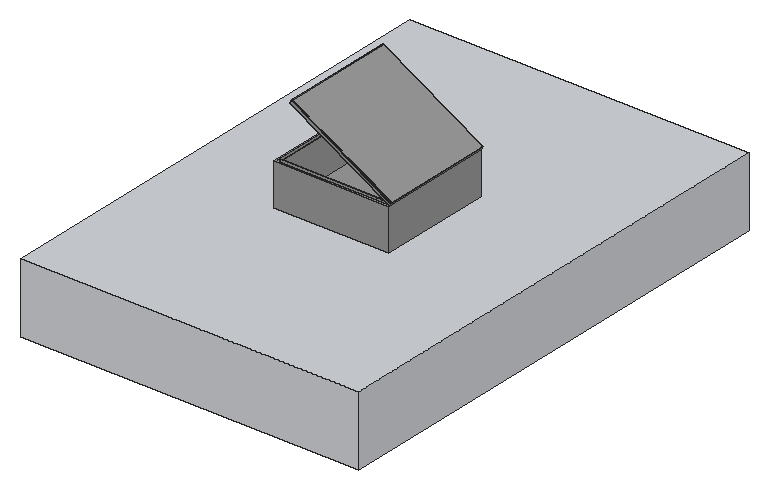
Revit family "Hager-Orion_Inox-IP65-D200-Cl.I-Inox_encl-630A-500mm-IT-it", category Equipement électrique, Revit 2020
Family settings
  Hôte = Face
  Configuration du panneau = Deux colonnes, circuits au sein
  Cote de connecteur circulaire = Utiliser le diamètre
  Type d'élément = Tableau de raccordement
  Couper avec des vides une fois chargée = Non
  Partagée = Non
  Point de calcul de pièce = Non
Parameters (values of type "incassato IP65 L500 A500 P200  - FL716BW")
  Width Control [instance] = if([EF000008 - Larghezza] > Min Width, [EF000008 - Larghezza], Min Width)  # 500 mm
  Commentaires du type = [HG000003 - Gamma]  # "Orion Inox"
  Thickness Door [instance] = if([EF009171 - spessore materiale porta/coperchio] > 3 mm, 3 mm, [EF009171 - spessore materiale porta/coperchio])  # 1.5 mm
  Seal Frame Offset [instance] = 17 mm  # constant formula
  Model = ""
  Min Width [instance] = 100 mm  # constant formula
  Min Height [instance] = 100 mm  # constant formula
  Min Depth [instance] = (2 * [EF009170 - spessore materiale scatola]) + 1 mm  # 3.4 mm
  Internal Frame Depth [instance] = (Door System Depth * 0.5)  # 9 mm
  Height Control [instance] = if([EF000040 - Altezza] > Min Height, [EF000040 - Altezza], Min Height)  # 500 mm
  HG000027 - Altezza dello zoccolo = 0 mm
  HG000026 - A pavimento = no
  HG000024 - Altezza della sezione inferiore = 800 mm
  HG000023 - Custodia a doppia sezione = no
  HG000016 - Visibilità delle porte nella vista 3D [instance] = yes
  HG000015 - Visibilità attraverso la porta [instance] = no
  HG000014 - Porta destra [instance] = yes
  HG000013 - Porta sinistra [instance] = not([HG000014 - Porta destra])  # no
  HG000012 - Angolo di apertura della porta [instance] = 30.00°
  HG000010 - Porte asimmetriche = no
  HG000009 - Porta doppia a battente = no
  HG000006 - Ad incasso = yes
  HG000004 - Codice produttore = "FL716BW"
  HG000003 - Gamma = "Orion Inox"
  HG000002 - Con porta = yes
  Frame Offset Bottom [instance] = 10 mm  # constant formula
  Frame Offset [instance] = 15 mm  # constant formula
  EF015940 - Coprire con rilascio di sovrapressione = no
  EF011959 - tipo di protezione (NEMA) = ""
  EF009554 - numero delle aperture per la piastra della flangia = 2
  Fabricant = "Hager"  # constant formula
  EF009212 - esecuzione coperchio = "EV009916 - con taglio"
  EF009171 - spessore materiale porta/coperchio = 1.5 mm
  EF009170 - spessore materiale scatola = 1.2 mm
  EF008873 - corrente nominale (In) = 630 A
  EF007800 - adatto per parafulmine = no
  EF006306 - con serratura = yes
  EF006244 - coperchio/porta trasparente = no
  EF005474 - grado di protezione (IP) = "EV006421 - IP65"
  EF004464 - tipo di porta = "EV002646 - singolo"
  EF004427 - numero di moduli = 0
  EF004293 - resistenza agli urti = "EV008784 - IK10"
  EF003532 - adatto per uso esterno = yes
  EF002950 - Numero moduli DIN = 0
  EF001613 - Integrità del circuito = ""
  EF001596 - Attacco Lampada = "EV000166 - acciaio inossidabile"
  EF001131 - profondità interna = 200 mm
  EF001088 - possibilità di applicazione = no
  EF000437 - numero di ingressi per conduttori = 2
  EF000339 - tipo di copertura = "EV004216 - porta"
  EF000266 - numero di file = 0
  EF000218 - profondità di incasso = 0 mm
  EF000118 - con piastra di montaggio = yes
  EF000116 - numero RAL = ""
  EF000049 - profondità = 200 mm
  EF000040 - Altezza = 500 mm
  EF000008 - Larghezza = 500 mm
  EF000007 - colore = "EV000154 - altri"
  EF000003 - Tipo di montaggio = "EV001247 - apparente/incassato"
  Door System Leaf Tolerance [instance] = 1.5 mm  # constant formula
  Door System Depth [instance] = 18 mm  # constant formula
  Depth Control [instance] = if([EF000049 - profondità] > Min Depth, [EF000049 - profondità], Min Depth)  # 200 mm
  Default Elevation = 0 mm
Types (4, lengths in mm): name | Width Control | HG000006 - Ad incasso | HG000004 - Codice produttore | EF000008 - Larghezza
  apparente IP65 L400 A500 P200  - FL713BW | 400 | no | "FL713BW" | 400
  apparente IP65 L500 A500 P200  - FL716BW | 500 | no | "FL716BW" | 500
  incassato IP65 L400 A500 P200  - FL713BW | 400 | yes | "FL713BW" | 400
  incassato IP65 L500 A500 P200  - FL716BW | 500 | yes | "FL716BW" | 500
Reference planes
  plane 1 "Center (Front/Back)": y = 0
  plane 2: z = 0
  plane 3 "Center (Left/Right)": x = 0
  plane 4: z = 200
  plane 5: y = 1.2
  plane 6: y = 250
  plane 7: y = 0
  plane 8: y = 500
  plane 9: z = 0
  plane 10: x = -235
  plane 11: x = 235
  plane 12: x = 233.8
  plane 13: x = -233.8
  plane 14: y = 498.8
  plane 15: x = -233
  plane 16: x = -250
  plane 17: x = 233
  plane 18: x = 250
  plane 19: x = 248.8
  plane 20: x = -248.8
  plane 21: y = 11.2
  plane 22: y = 500
  plane 23: y = 483.8
  plane 24: z = 182
  plane 25: z = 1.2
  plane 26: z = 180.8
  plane 27: z = 198.8
Forms (mm)
  Extrusion 1, solid
    sketch origin (0, 0, 0) x (1, 0, 0) y (0, 1, 0)
      loop
        line (-702.964, 1305) -> (-702.964, -811.445) -> (766.763, -811.445) -> (766.763, 1305) -> (-702.964, 1305)
    from 0 to -304.8
  Extrusion 2, solid, material "Hager_Stainless_Steel", detail levels medium+fine
    sketch origin (0, 0, 0) x (1, 0, 0) y (0, 1, 0)
      loop
        line (-250, 0) -> (250, 0) -> (250, 500) -> (-250, 500) -> (-250, 0)
    from 0 to 182
  Extrusion 3, solid, material "Hager_Steel_RAL 7035_Light_Grey", not visible, detail levels medium+fine
    sketch origin (0, 28.16, 50.802) x (0, 1, 0) y (0, 0, 1)
      loop
        line (273.34, -50.802) -> (273.34, 137.998)
        arc (273.34, 137.998) -> (270.411, 145.069) -> (263.34, 147.998) r 10
        line (263.34, 147.998) -> (233.34, 147.998) -> (233.34, -50.802) -> (273.34, -50.802)
    from -248.8 to 248.8
  Extrusion 4, void
    sketch origin (0, 0, 0) x (1, 0, 0) y (0, 1, 0)
      loop
        line (-248.8, 1.2) -> (248.8, 1.2) -> (248.8, 498.8) -> (-248.8, 498.8) -> (-248.8, 1.2)
    from 1.2 to 180.8
  Extrusion 5, void
    sketch origin (-381.607, -4572, 182) x (0, -1, 0) y (-1, 0, 0)
      loop
        line (-4583.2, -147.807) -> (-5055.8, -147.807) -> (-5055.8, -615.407) -> (-4583.2, -615.407) -> (-4583.2, -147.807)
    from 0 to 1.2 <- "EF009170 - spessore materiale scatola"
  Extrusion 6, solid, material "Hager_Stainless_Steel", detail levels fine
    sketch origin (-381.607, -4572, 182) x (-1, 0, 0) y (0, -1, 0)
      loop
        line (-147.807, -4583.2) -> (-615.407, -4583.2) -> (-615.407, -5055.8) -> (-147.807, -5055.8) -> (-147.807, -4583.2)
      loop
        line (-147.107, -4581.7) -> (-616.107, -4581.7) -> (-616.107, -5057.3) -> (-147.107, -5057.3) -> (-147.107, -4581.7)
    from 0 to 9 <- "Internal Frame Depth"
  Extrusion 7, solid, material "Hager_Stainless_Steel", detail levels coarse
    sketch origin (0, 0, 0) x (1, 0, 0) y (0, 1, 0)
      loop
        line (-250, 0) -> (250, 0) -> (250, 500) -> (-250, 500) -> (-250, 0)
    from 0 to 200
Cuts and joins
  Extrusion 4, Extrusion 5 cuts Extrusion 2
Lines and regions (mm)
  Masking region 1
    outline origin (0, 0, 0) x (1, 0, 0) y (0, 0, 1)
      loop
        line (-250, 200) -> (-250, 0) -> (250, 0) -> (250, 200) -> (-250, 200)
  Masking region 2, detail levels medium+fine
    outline origin (0, 140, 0) x (0, 1, 0) y (0, 0, 1)
      loop
        line (-140, 0) -> (360, 0) -> (360, 182) -> (-140, 182) -> (-140, 0)
  Masking region 3, not visible, detail levels medium+fine
    outline origin (0, 297.922, 0) x (0, 1, 0) y (0, 0, 1)
      loop
        line (-36.422, 0) -> (3.578, 0) -> (3.578, 188.8)
        arc (3.578, 188.8) -> (0.649, 195.871) -> (-6.422, 198.8) r 10
        line (-6.422, 198.8) -> (-36.422, 198.8) -> (-36.422, 0)
  Masking region 4, detail levels coarse
    outline origin (0, 0, 180) x (0, 1, 0) y (0, 0, 1)
      loop
        line (0, -180) -> (500, -180) -> (500, 20) -> (0, 20) -> (0, -180)
  Masking region 5
    outline origin (-381.607, -4572, 182) x (-1, 0, 0) y (0, -1, 0)
      loop
        line (-131.607, -5072) -> (-131.607, -4572) -> (-631.607, -4572) -> (-631.607, -5072) -> (-131.607, -5072)
Dimensions and locks
  "Depth Control": plane 4 to Extrusion 1
  "EF009170 - spessore materiale scatola": plane 5 to plane 7
  locked: connector elem to plane 3 "Center (Left/Right)"
  equal spacing: plane 8, plane 6, plane 7
  locked: connector elem to plane 6
  "EF009170 - spessore materiale scatola": plane 8 to plane 14
  "EF009170 - spessore materiale scatola": plane 10 to plane 13
  "EF009170 - spessore materiale scatola": plane 12 to plane 11
  "Frame Offset": plane 20 to plane 13
  "Frame Offset": plane 12 to plane 19
  "EF009170 - spessore materiale scatola": plane 16 to plane 20
  "EF009170 - spessore materiale scatola": plane 19 to plane 18
  "Seal Frame Offset": plane 16 to plane 15
  "Seal Frame Offset": plane 17 to plane 18
  "Frame Offset Bottom": plane 21 to plane 5
  "Frame Offset": plane 14 to plane 23
  equal spacing: plane 16, plane 3 "Center (Left/Right)", plane 18
  "Width Control": plane 16 to plane 18
  "EF009170 - spessore materiale scatola": plane 4 to plane 27
  "EF009170 - spessore materiale scatola": plane 24 to plane 26
  "EF009170 - spessore materiale scatola": plane 25 to level
  "Door System Depth": plane 4 to plane 24
  "Height Control": plane 1 "Center (Front/Back)" to Extrusion 7 sketch curve
  "Height Control": Masking region 4 sketch curve to plane 1 "Center (Front/Back)"
  "Thickness Door": Extrusion 6 sketch curve to plane 15
  "Thickness Door": plane 21 to Extrusion 6 sketch curve
  "Thickness Door": plane 17 to Extrusion 6 sketch curve
  "Thickness Door": Extrusion 6 sketch curve to plane 23
  "Height Control": plane 1 "Center (Front/Back)" to plane 22
  radius of Masking region 3 sketch curve = 10 mm
  radius of Extrusion 3 sketch curve = 10 mm
  aligned and locked: plane 2 to Extrusion 1
  aligned and locked: level to Extrusion 1
  aligned and locked: level to Masking region 1 sketch curve
  aligned and locked: Masking region 1 sketch curve to plane 18
  aligned and locked: Masking region 1 sketch curve to plane 16
  aligned and locked: plane 7 to Masking region 2 sketch curve
  aligned and locked: level to Masking region 3 sketch curve
  aligned and locked: Masking region 3 sketch curve to plane 27
  aligned and locked: level to Masking region 2 sketch curve
  aligned and locked: Extrusion 2 sketch curve to plane 7
  aligned and locked: plane 16 to Extrusion 2 sketch curve
  aligned and locked: plane 18 to Extrusion 2 sketch curve
  aligned and locked: Extrusion 3 sketch curve to level
  aligned and locked: plane 27 to Extrusion 3 sketch curve
  aligned and locked: plane 20 to Extrusion 3
  aligned and locked: plane 19 to Extrusion 3
  aligned and locked: plane 20 to Extrusion 4 sketch curve
  aligned and locked: plane 19 to Extrusion 4 sketch curve
  aligned and locked: Extrusion 4 sketch curve to plane 5
  aligned and locked: Extrusion 4 to plane 25
  aligned and locked: plane 26 to Extrusion 4
  aligned and locked: plane 24 to Extrusion 2
  aligned and locked: Extrusion 5 sketch curve to plane 21
  aligned and locked: Extrusion 5 sketch curve to plane 13
  aligned and locked: Extrusion 5 sketch curve to plane 12
  aligned and locked: plane 18 to Extrusion 7 sketch curve
  aligned and locked: plane 1 "Center (Front/Back)" to Extrusion 7 sketch curve
  aligned and locked: plane 16 to Extrusion 7 sketch curve
  aligned and locked: plane 4 to Extrusion 7
  aligned and locked: Extrusion 7 to level
  aligned and locked: level to Masking region 4 sketch curve
  aligned and locked: Masking region 4 sketch curve to plane 1 "Center (Front/Back)"
  aligned and locked: Masking region 4 sketch curve to plane 4
  aligned and locked: nested 1 to level
  aligned and locked: nested 1 to plane 16
  aligned and locked: plane 8 to Extrusion 2 sketch curve
  aligned and locked: plane 23 to Extrusion 5 sketch curve
  aligned and locked: plane 14 to Extrusion 4 sketch curve
  aligned and locked: Extrusion 6 sketch curve to plane 21
  aligned and locked: plane 13 to Extrusion 6 sketch curve
  aligned and locked: plane 23 to Extrusion 6 sketch curve
  aligned and locked: plane 12 to Extrusion 6 sketch curve
  aligned and locked: Masking region 2 sketch curve to plane 8
  aligned and locked: Masking region 2 sketch curve to plane 24
  aligned and locked: nested 2 to plane 3 "Center (Left/Right)"
  aligned and locked: nested 2 to plane 24
  aligned and locked: Masking region 5 sketch curve to plane 1 "Center (Front/Back)"
  aligned and locked: Masking region 5 sketch curve to plane 18
  aligned and locked: Masking region 5 sketch curve to plane 22
  aligned and locked: Masking region 5 sketch curve to plane 16
  aligned and locked: plane 8 to plane 22
  aligned and locked: plane 7 to plane 1 "Center (Front/Back)"
  aligned and locked: nested 2 to plane 1 "Center (Front/Back)"
Automatic sketch dimensions
  Extrusion 1 sketch curve to Extrusion 1 sketch curve = 1469.727 mm
  Extrusion 1 sketch curve to Extrusion 1 sketch curve = 2116.445 mm
  plane 6 to Masking region 3 sketch curve = 11.5 mm
  Masking region 3 sketch curve to Masking region 3 sketch curve = 30 mm
  plane 6 to Extrusion 3 sketch curve = 11.5 mm
  Extrusion 3 sketch curve to Extrusion 3 sketch curve = 30 mm
  Masking region 1 sketch curve to plane 4 = 0 mm
Nested families
  nested 1: "Hager_Enclosure_Symbol" at (-250, 0, 0) x (1, 0, 0) z (0, -1, 0), Height <- "Depth Control", Width <- "Width Control", type "Hager_Enclosure_Symbol"
    with Width_Ctrl 500 mm, Width 500 mm, Height_Ctrl 200 mm, Height 200 mm, A_Width_Int 13.125 mm, A_Width 157.5 mm, A_Height_Ctrl 175 mm, A_Height 175 mm
  nested 2: "EC000058_OrionInox_Door" at (0, 500, 182) x (1, 0, 0) z (0, -1, 0), Leaf_Tolerance <- "Door System Leaf Tolerance", Angle <- "HG000012 - Angolo di apertura della porta", Door_Depth <- "Door System Depth", Door_Left <- "HG000013 - Porta sinistra", Transparent <- "EF006244 - coperchio/porta trasparente", Assymetrical <- "HG000010 - Porte asimmetriche", Width <- "Width Control", Clearance <- "HG000015 - Visibilità attraverso la porta", Double <- "HG000009 - Porta doppia a battente", 3d_Door <- "HG000016 - Visibilità delle porte nella vista 3D", Width_Ctrl <- "Width Control", Door_Right <- "HG000014 - Porta destra", Door <- "HG000002 - Con porta", Height <- "Height Control", Thickness <- "Thickness Door", type "EC000058_OrionInox_Door", detail levels medium+fine
    with min_wh 4 mm, Width_Ctrl 500 mm, Width 500 mm, Transparent no, Thickness 1.5 mm, Seal_Material Hager_Rubber, Leaf_Width 500 mm, Leaf_Tolerance_External_Sides 0 mm, Leaf_Tolerance 1.5 mm, Leaf_Offset 0 mm, Leaf_Height 497 mm, Leaf_2_Width 500 mm, Leaf_2_Offset 250 mm, Leaf_1_Width 500 mm, Leaf_1_Offset 250 mm, Height_Ctrl 500 mm, Height 500 mm, Glass_Material Hager_Glass, Double_Clearance_Ctrl no, Double no, Door_Right_Ctrl yes, Door_Right yes, Door_Material Hager_Stainless_Steel, Door_Left_Ctrl no, Door_Left no, Door_Depth 18 mm, Door yes, Clearance_Material Hager_Clearance, Clearance_Depth 500 mm, Clearance_Ctrl no, Clearance no, Assymetrical no, Angle 30.00°, 3d_Door yes
Connectors
  electrical at (0, 250, 0)
    settings: on plane 9, index 1, voltage 0 V, apparent load 0 VA, apparent load phase1 0 VA, apparent load phase2 0 VA, apparent load phase3 0 VA, power factor 1, load classification "Other", number of poles 1, system type 30, power factor state 1, is connector primary yes, connector utility no, sub classification motor no, connector description ""
Definition of nested family "EC000058_OrionInox_Door"
  Parameters (values of type "EC000058_OrionInox_Door")
    min_wh [instance] = (2 * Thickness) + 1 mm  # 11 mm
    Width_Ctrl [instance] = 400 mm
    Width [instance] = 500 mm
    Transparent [instance] = yes
    Thickness [instance] = 5 mm
    Seal_Material [instance] = none
    Leaf_Width [instance] = if((Width_Ctrl - 2 * Leaf_Tolerance_External_Sides) > 0 mm, (Width_Ctrl - 2 * Leaf_Tolerance_External_Sides), min_wh)  # 400 mm
    Leaf_Tolerance_External_Sides [instance] = 0 mm  # constant formula
    Leaf_Tolerance [instance] = 1.5 mm
    Leaf_Offset [instance] = 0 mm  # constant formula
    Leaf_Height [instance] = if((Height_Ctrl - 2 * Leaf_Tolerance) > 0 mm, (Height_Ctrl - 2 * Leaf_Tolerance), min_wh)  # 497 mm
    Leaf_2_Width [instance] = if(and(and(Double, Assymetrical), Door_Left), (Leaf_Width / 3) - (Leaf_Tolerance / 2), if(and(and(Double, Assymetrical), Door_Right), (Leaf_Width / 3) * 2 - (Leaf_Tolerance / 2), if(and(Double, not(Assymetrical)), (Leaf_Width / 2) - Leaf_Tolerance, Leaf_Width)))  # 400 mm
    Leaf_2_Offset [instance] = if(and(Double, Assymetrical), Leaf_2_Width / 2, if(and(Double, not(Assymetrical)), Leaf_Width / 4, Leaf_Width / 2))  # 200 mm
    Leaf_1_Width [instance] = if(and(and(Double, Assymetrical), Door_Right), (Leaf_Width / 3) - (Leaf_Tolerance / 2), if(and(and(Double, Assymetrical), Door_Left), (Width / 3) * 2 - (Leaf_Tolerance / 2), if(and(Double, not(Assymetrical)), (Leaf_Width / 2) - Leaf_Tolerance, Leaf_Width)))  # 400 mm
    Leaf_1_Offset [instance] = if(and(Double, Assymetrical), Leaf_1_Width / 2, if(and(Double, not(Assymetrical)), Leaf_Width / 4, Leaf_Width / 2))  # 200 mm
    Height_Ctrl [instance] = if(Height > min_wh, Height, min_wh)  # 500 mm
    Height [instance] = 500 mm
    Glass_Material [instance] = none
    Double_Clearance_Ctrl [instance] = and(Double, Clearance)  # no
    Double [instance] = no
    Door_Right_Ctrl [instance] = and(or(Door_Right, Double), Door)  # yes
    Door_Right [instance] = yes
    Door_Material [instance] = none
    Door_Left_Ctrl [instance] = and(or(Door_Left, Double), Door)  # no
    Door_Left [instance] = no
    Door_Depth [instance] = 30 mm
    Door [instance] = yes
    Default Elevation = 1219.2 mm
    Clearance_Material [instance] = none
    Clearance_Depth [instance] = if(Leaf_1_Width > Leaf_2_Width, Leaf_1_Width, Leaf_2_Width)  # 400 mm
    Clearance_Ctrl [instance] = and(not(Double), Clearance)  # yes
    Clearance [instance] = yes
    Assymetrical [instance] = yes
    Angle [instance] = 30.00°
    3d_Door [instance] = yes
  Reference planes
    plane 1 "Center (Front/Back)": y = 0
    plane 2 "Bottom": z = 0
    plane 3 "Center (Left/Right)": x = 0
    plane 4: z = 500
    plane 5: x = -200
    plane 6: x = 200
    plane 7: z = 500
    plane 8: x = -200
    plane 9: z = 0
    plane 10: x = 200
    plane 11: y = 0
    plane 12: z = 1.5
    plane 13: x = -600
    plane 14: y = -400
    plane 15: x = 600
    plane 16: x = 0
    plane 17: x = 0
    plane 18: x = -200
    plane 19: x = 200
    plane 20: z = 498.5
  Forms (mm)
    Extrusion 1, solid, material <- "Clearance_Material", visible <- "Double_Clearance_Ctrl"
      sketch origin (1200, 0, 0) x (1, 0, 0) y (0, 0, -1)
        loop
          line (-1800, -498.5) -> (-600, -498.5) -> (-600, 0) -> (-1800, 0) -> (-1800, -498.5)
      from 0 to -400
  Dimensions and locks
    equal spacing: plane 5, plane 3 "Center (Left/Right)", plane 6
    "Width_Ctrl": plane 5 to plane 6
    "Leaf_Offset": plane 5 to plane 8
    "Leaf_Offset": plane 6 to plane 10
    "Leaf_Offset": plane 9 to level
    "Leaf_Offset": plane 4 to plane 7
    "Height_Ctrl": plane 4 to level
    "Leaf_Tolerance": plane 12 to plane 9
    locked: plane 11 to plane 1 "Center (Front/Back)"
    "Leaf_1_Offset": plane 18 to plane 16
    "Leaf_2_Offset": plane 17 to plane 19
    "Leaf_1_Width": plane 13 to plane 8
    "Leaf_2_Width": plane 10 to plane 15
    "Clearance_Depth": plane 14 to plane 1 "Center (Front/Back)"
    "Leaf_Tolerance_External_Sides": plane 8 to plane 18
    "Leaf_Tolerance_External_Sides": plane 19 to plane 10
    "Leaf_Tolerance": plane 7 to plane 20
    aligned and locked: level to plane 2 "Bottom"
    aligned and locked: nested 1 to plane 16
    aligned and locked: nested 2 to plane 17
    aligned and locked: Extrusion 1 to plane 13
    aligned and locked: plane 15 to Extrusion 1
    aligned and locked: Extrusion 1 to plane 14
    aligned and locked: plane 12 to nested 1
    aligned and locked: nested 2 to plane 12
    aligned and locked: Extrusion 1 to plane 11
    aligned and locked: plane 20 to Extrusion 1
    aligned and locked: nested 2 to plane 11
    aligned and locked: nested 1 to plane 11
  Automatic sketch dimensions
    Extrusion 1 sketch curve to level = 0 mm
    plane 5 to Extrusion 1 sketch curve = 400 mm
    plane 6 to Extrusion 1 sketch curve = 400 mm
    Extrusion 1 sketch curve to plane 4 = 1.5 mm
  Nested families
    nested 1: "EC000058_OrionInox_Door_Leaf" at (0, 0, 1.5), Width <- "Leaf_1_Width", visible <- "Door_Left_Ctrl", Leaf_Height <- "Leaf_Height", Angle <- "Angle", 3d_Door <- "3d_Door", Transparent <- "Transparent", Clearance Material <- "Clearance_Material", Clearance <- "Clearance_Ctrl", Door_Material <- "Door_Material", Glass_Material <- "Glass_Material", Door_Depth <- "Door_Depth", Seal_Material <- "Seal_Material", Thickness <- "Thickness", type "EC000058_OrionInox_Door_Leaf"
      with Width 400 mm, Transparent_Ctrl yes, Transparent yes, Thickness 5 mm, Standard no, Seal_Material none, Seal_D2 8 mm, Seal_D1 1 mm, Offset_Internal_Frame 10 mm, Lock_Width 28 mm, Lock_Thickness 2 mm, Lock_Radius 6 mm, Leaf_Height 497 mm, Internal_Seal_Thickness 8 mm, Internal_Seal_Depth_2 4.5 mm, Internal_Frame_Depth 25 mm, Glass_Thickness -1 mm, Glass_Offset -2 mm, Glass_Material none, Door_Material none, Door_Depth 30 mm, Clearance Material none, Clearance yes, Angle_Ctrl 30.00°, Angle 30.00°, 3d_Door yes
    nested 2: "EC000058_OrionInox_Door_Leaf" at (0, 0, 1.5) x (-1, 0, 0) z (0, 0, 1), Width <- "Leaf_2_Width", visible <- "Door_Right_Ctrl", Leaf_Height <- "Leaf_Height", Angle <- "Angle", 3d_Door <- "3d_Door", Transparent <- "Transparent", Clearance Material <- "Clearance_Material", Clearance <- "Clearance_Ctrl", Door_Material <- "Door_Material", Glass_Material <- "Glass_Material", Door_Depth <- "Door_Depth", Seal_Material <- "Seal_Material", Thickness <- "Thickness", type "EC000058_OrionInox_Door_Leaf"
      with Width 400 mm, Transparent_Ctrl yes, Transparent yes, Thickness 5 mm, Standard no, Seal_Material none, Seal_D2 8 mm, Seal_D1 1 mm, Offset_Internal_Frame 10 mm, Lock_Width 28 mm, Lock_Thickness 2 mm, Lock_Radius 6 mm, Leaf_Height 497 mm, Internal_Seal_Thickness 8 mm, Internal_Seal_Depth_2 4.5 mm, Internal_Frame_Depth 25 mm, Glass_Thickness -1 mm, Glass_Offset -2 mm, Glass_Material none, Door_Material none, Door_Depth 30 mm, Clearance Material none, Clearance yes, Angle_Ctrl 30.00°, Angle 30.00°, 3d_Door yes
  Definition of nested family "EC000058_OrionInox_Door_Leaf"
    Parameters (values of type "EC000058_OrionInox_Door_Leaf")
      Width [instance] = 450 mm
      Transparent_Ctrl [instance] = and(Transparent, [3d_Door])  # yes
      Transparent [instance] = yes
      Thickness [instance] = 5 mm
      Standard [instance] = and(not(Transparent), [3d_Door])  # no
      Seal_Material [instance] = none
      Seal_D2 [instance] = 8 mm  # constant formula
      Seal_D1 [instance] = 1 mm  # constant formula
      Offset_Internal_Frame [instance] = 10 mm  # constant formula
      Lock_Width [instance] = Door_Depth - Lock_Thickness  # 28 mm
      Lock_Thickness [instance] = 2 mm  # constant formula
      Lock_Radius [instance] = 6 mm  # constant formula
      Leaf_Height [instance] = 450 mm
      Internal_Seal_Thickness [instance] = 8 mm  # constant formula
      Internal_Seal_Depth_2 [instance] = 4.5 mm  # constant formula
      Internal_Frame_Depth [instance] = if(Door_Depth - Thickness > 5 mm, Door_Depth - Thickness, 5 mm)  # 25 mm
      Glass_Thickness [instance] = if(Thickness > 15 mm, Glass_Offset + 10 mm, -1 mm)  # -1 mm
      Glass_Offset [instance] = if(Thickness > 15 mm, -(Thickness + 10 mm) / 2, -2 mm)  # -2 mm
      Glass_Material [instance] = none
      Door_Material [instance] = none
      Door_Depth [instance] = 30 mm
      Default Elevation = 0 mm
      Clearance Material [instance] = none
      Clearance [instance] = yes
      Angle_Ctrl [instance] = if(Angle > 180.00°, 180.00°, Angle)  # 90.00°
      Angle [instance] = 90.00°
      3d_Door [instance] = yes
    Reference planes
      plane 1 "Center (Front/Back)": y = 0
      plane 2: z = 0
      plane 3 "Center (Left/Right)": x = 0
      plane 4: y = 450
      plane 5: x = -225
      plane 6: x = 225
      plane 7: x = -675
      plane 8: z = 450
      plane 9: z = 30
      plane 10: z = 420
      plane 11: x = 195
      plane 12: x = -195
      plane 13: y = -3
      plane 14: z = 107.833
      plane 15: y = -5
      plane 16: y = -223.314
      plane 17: x = -225
      plane 18: y = 30
    Forms (mm)
      Extrusion 1, solid, material <- "Clearance Material", visible <- "Clearance"
        sketch origin (0, 0, 0) x (1, 0, 0) y (0, 0, 1)
          loop
            line (-675, 450) -> (-675, 0) -> (225, 0) -> (225, 450) -> (-675, 450)
        from 0 to -450
      Extrusion 2, solid, material <- "Door_Material", visible <- "Standard", detail levels medium+fine
        sketch origin (-225, 0, 0) x (0, 1, 0) y (-1, 0, 0)
          loop
            line (0, 30) -> (0, 25) -> (450, 25) -> (450, 30) -> (0, 30)
        from 0 to 450 <- "Leaf_Height"
      Extrusion 3, solid, material <- "Door_Material", visible <- "Transparent_Ctrl", detail levels medium+fine
        sketch origin (-225, 0, 0) x (0, 1, 0) y (-1, 0, 0)
          loop
            line (0, 25) -> (450, 25) -> (450, 30) -> (0, 30) -> (0, 25)
        from 0 to 450 <- "Leaf_Height"
      Extrusion 4, void
        sketch origin (-250, 450, 0) x (0, 1, 0) y (0, 0, -1)
          loop
            line (-30, -420) -> (-30, -30) -> (-420, -30) -> (-420, -420) -> (-30, -420)
        from 0 to 5 <- "Thickness"
      Sweep 5, solid, material <- "Seal_Material", visible <- "Transparent_Ctrl", detail levels fine
        path in 3D
          loop
            line (-250, 30, 30) -> (-250, 30, 420) -> (-250, 420, 420) -> (-250, 420, 30) -> (-250, 30, 30)
        profile origin (-250, 225, 30) x (1, 0, 0) y (0, 0, 1)
          loop
            line (0, 0) -> (0, -8) -> (1, -8) -> (1, 0) -> (0, 0)
      Extrusion 6, solid, material <- "Glass_Material", visible <- "Transparent_Ctrl", detail levels medium+fine
        sketch origin (-255, 0, 0) x (0, 1, 0) y (0, 0, -1)
          loop
            line (420, -420) -> (420, -30) -> (30, -30) -> (30, -420) -> (420, -420)
        from -2 <- "Glass_Offset" to -1 <- "Glass_Thickness"
      Extrusion 7, solid, material <- "Door_Material", visible <- "3d_Door", detail levels medium+fine
        sketch origin (-250, 450, 0) x (0, -1, 0) y (0, 0, -1)
          loop
            line (0, -450) -> (450, -450) -> (450, 0) -> (0, 0) -> (0, -450)
          loop
            line (445, -5) -> (5, -5) -> (5, -445) -> (445, -445) -> (445, -5)
        from 0 to 25 <- "Internal_Frame_Depth"
      Sweep 8, solid, material <- "Seal_Material", visible <- "Transparent_Ctrl", detail levels fine
        path in 3D
          loop
            line (-250, 0, 0) -> (-250, 450, 0) -> (-250, 450, 450) -> (-250, 0, 450) -> (-250, 0, 0)
        profile origin (-250, 0, 225) x (1, 0, 0) y (0, 1, 0)
          loop
            line (0, 10) -> (2.975, 10)
            arc (2.975, 10) -> (4.053, 10.447) -> (4.5, 11.525) r 1.525
            line (4.5, 11.525) -> (4.5, 16.527)
            arc (4.5, 16.527) -> (4.069, 17.569) -> (3.027, 18) r 1.473
            line (3.027, 18) -> (0, 18) -> (0, 10)
    Cuts and joins
      Extrusion 4 cuts Extrusion 3
    Lines and regions (mm)
      Masking region 1, detail levels medium+fine
        outline origin (0, 0, 0) x (0, 1, 0) y (0, 0, 1)
          loop
            line (0, 0) -> (30, 0) -> (30, 450) -> (0, 450) -> (0, 0)
      Masking region 2, detail levels medium+fine
        outline origin (0, 0, 0) x (1, 0, 0) y (0, 0, 1)
          loop
            line (-225, 450) -> (-225, 0) -> (225, 0) -> (225, 450) -> (-225, 450)
      symbolic lines
        curve 1: line (225, 0, 0) -> (-675, 0, 0)
        curve 2: arc (225, 0, 0) -> (-225, 450, 0) -> (-675, 0, 0) r 450
        curve 4: line (-255, 0, 0) -> (-255, 450, 0)
      reference lines
        curve 3: line (-225, 0, 0) -> (-225, 450, 0)
      symbolic lines, detail levels medium+fine
        curve 5: line (-255, 450, 0) -> (-250, 450, 0)
        curve 7: line (-250, 0, 0) -> (-255, 0, 0)
        curve 8: line (-250, 0, 0) -> (-225, 0, 0)
        curve 9: line (-225, 0, 0) -> (-225, 450, 0)
        curve 10: line (-225, 450, 0) -> (-250, 450, 0)
      symbolic lines, detail levels fine
        curve 6: line (-250, 450, 0) -> (-250, 0, 0)
      sketch lines
        curve 11: line (-250, 0, 450) -> (-250, 0, 0)
        curve 12: line (-250, 450, 0) -> (-250, 0, 0)
        curve 13: line (-250, 450, 450) -> (-250, 450, 0)
        curve 14: line (-250, 0, 450) -> (-250, 450, 450)
        curve 15: line (-250, 420, 30) -> (-250, 30, 30)
        curve 16: line (-250, 30, 30) -> (-250, 30, 420)
        curve 17: line (-250, 420, 420) -> (-250, 420, 30)
        curve 18: line (-250, 30, 420) -> (-250, 420, 420)
      symbolic lines, visible <- "Transparent", detail levels medium+fine
        curve 19: line (-195, 0, 420) -> (195, 0, 420)
        curve 20: line (-195, 0, 30) -> (-195, 0, 420)
        curve 21: line (195, 0, 30) -> (-195, 0, 30)
        curve 22: line (195, 0, 420) -> (195, 0, 30)
    Dimensions and locks
      "Width": plane 1 "Center (Front/Back)" to plane 4
      equal spacing: plane 5, plane 3 "Center (Left/Right)", plane 6
      "Width": plane 5 to plane 6
      "Width": plane 7 to plane 5
      "Leaf_Height": plane 8 to level
      "Width": curve 5 to curve 3
      "Width": curve 3 to curve 3
      plane 8 to plane 10 = 30 mm
      plane 9 to level = 30 mm
      plane 12 to plane 5 = 30 mm
      plane 6 to plane 11 = 30 mm
      Extrusion 4 sketch curve to Extrusion 3 = 30 mm
      Extrusion 3 to Extrusion 4 sketch curve = 30 mm
      Extrusion 1 to Extrusion 4 sketch curve = 30 mm
      curve 3 to Extrusion 4 sketch curve = 30 mm
      Extrusion 4 sketch curve to cut or joined group of Extrusion 3, Extrusion 4 = 30 mm
      cut or joined group of Extrusion 3, Extrusion 4 to Extrusion 6 sketch curve = 30 mm
      cut or joined group of Extrusion 3, Extrusion 4 to Extrusion 4 sketch curve = 30 mm
      "Thickness": curve 6 to curve 4
      "Thickness": Extrusion 7 sketch curve to Extrusion 7 sketch curve  (x4)
      "Door_Depth": curve 4 to curve 3
      "Offset_Internal_Frame": profile plane to Sweep 8 sketch curve
      "Internal_Seal_Thickness": Sweep 8 sketch curve to Sweep 8 sketch curve
      "Internal_Seal_Depth_2": profile plane to Sweep 8 sketch curve
      "Seal_D1": profile plane to Sweep 5 sketch curve
      "Seal_D2": profile plane to Sweep 5 sketch curve
      "Thickness": Extrusion 2 sketch curve to Extrusion 2 sketch curve
      "Door_Depth": plane 18 to plane 1 "Center (Front/Back)"
      radius of Sweep 8 sketch curve = 1.525 mm
      radius of Sweep 8 sketch curve = 1.473 mm
      "Angle_Ctrl": angle plane 1 "Center (Front/Back)" to curve 3
      aligned and locked: level to plane 2
      aligned and locked: Extrusion 1 to curve 1
      aligned and locked: plane 6 to Extrusion 1
      aligned and locked: plane 1 "Center (Front/Back)" to Extrusion 1
      aligned and locked: plane 4 to Extrusion 1
      aligned and locked: plane 8 to Extrusion 1
      aligned and locked: curve 7 to Extrusion 2 sketch curve
      aligned and locked: curve 5 to Extrusion 2 sketch curve
      aligned and locked: curve 7 to Extrusion 3 sketch curve
      aligned and locked: Extrusion 3 sketch curve to curve 4
      aligned and locked: Extrusion 3 sketch curve to curve 6
      aligned and locked: Extrusion 3 sketch curve to curve 5
      aligned and locked: curve 9 to curve 3
      aligned and locked: Extrusion 7 sketch curve to cut or joined group of Extrusion 3, Extrusion 4  (x4)
      aligned and locked: plane 17 to curve 3
      aligned and locked: plane 1 "Center (Front/Back)" to curve 3
      aligned and locked: plane 17 to plane 5
      aligned and locked: Sweep 8 sketch curve to profile plane
      aligned and locked: Sweep 5 sketch curve to profile plane  (x2)
      aligned and locked: plane 1 "Center (Front/Back)" to Masking region 1 sketch curve
      aligned and locked: plane 18 to Masking region 1 sketch curve
      aligned and locked: level to Masking region 1 sketch curve
      aligned and locked: Masking region 1 sketch curve to plane 8
      aligned and locked: plane 17 to Masking region 2 sketch curve
      aligned and locked: level to Masking region 2 sketch curve
      aligned and locked: Masking region 2 sketch curve to plane 8
      aligned and locked: plane 12 to curve 20
      aligned and locked: plane 10 to curve 19
      aligned and locked: plane 11 to curve 22
      aligned and locked: plane 9 to curve 21
      aligned and locked: Extrusion 2 sketch curve to cut or joined group of Extrusion 3, Extrusion 4
    Automatic sketch dimensions
      plane 1 "Center (Front/Back)" to curve 2 = 0 mm
      curve 2 to plane 5 = 0 mm
      Extrusion 1 sketch curve to level = 0 mm
      Extrusion 1 sketch curve to plane 7 = 0 mm
      Extrusion 1 sketch curve to plane 6 = 0 mm
      Extrusion 1 sketch curve to plane 8 = 0 mm
      Extrusion 3 to Extrusion 6 sketch curve = 30 mm  (x4)
      Masking region 2 sketch curve to plane 6 = 0 mm
      curve 4 to curve 3 = 0 mm
Definition of nested family "Hager_Enclosure_Symbol"
  Parameters (values of type "Hager_Enclosure_Symbol")
    Width_Ctrl [instance] = if(Width > 1 mm, Width, 1 mm)  # 102.27 mm
    Width [instance] = 102.27 mm
    Height_Ctrl [instance] = if(Height > 1 mm, Height, 1 mm)  # 66.5 mm
    A_Width_Int [instance] = if(A_Width / 12 > 2 mm, A_Width / 12, 2 mm)  # 4.364 mm
    A_Width [instance] = if(A_Height_Ctrl * 0.9 > 2 mm, A_Height_Ctrl * 0.9, 2 mm)  # 52.369 mm
    A_Height_Ctrl [instance] = if(A_Height > 2 mm, A_Height, 2 mm)  # 58.188 mm
    Height [instance] = 66.5 mm
    A_Height [instance] = Height - (Height / 8)  # 58.188 mm
  Reference planes
    plane 1 "Centre (avant/arrière)": y = 0
    plane 2: z = 0
    plane 3 "Centre (gauche/droite)": x = 0
    plane 4: x = 52.369
    plane 5: y = 33.042
    plane 6: y = 41.77
    plane 7: y = 66.5
    plane 8: x = 26.184
    plane 9: y = 37.406
    plane 10: x = 102.27
    plane 11: y = 66.5
    plane 12: y = 8.313
  Lines and regions (mm)
    Filled region 1, type "Solid_Black", in view "Niveau de réf."
      outline origin (0, 0, 0) x (1, 0, 0) y (0, 1, 0)
        loop
          line (52.369, 66.5) -> (33.188, 54.536) -> (45.365, 45.006) -> (52.369, 66.5)
    Filled region 2, type "Solid_Black", in view "Niveau de réf."
      outline origin (0, 0, 0) x (1, 0, 0) y (0, 1, 0)
        loop
          line (0, 0) -> (102.27, 0) -> (102.27, 66.5) -> (0, 0)
    detail lines, in view "Niveau de réf."
      curve 1: line (0, 8.313, 0) -> (26.184, 41.77, 0)
      curve 2: line (26.184, 41.77, 0) -> (26.184, 33.042, 0)
      curve 3: line (26.184, 33.042, 0) -> (52.369, 66.5, 0)
  Dimensions and locks
    "A_Width": plane 3 "Centre (gauche/droite)" to plane 4
    equal spacing: plane 3 "Centre (gauche/droite)", plane 8, plane 4
    equal spacing: plane 6, plane 9, plane 5
    equal spacing: curve 3, Filled region 1 sketch curve, Filled region 1 sketch curve
    "Height_Ctrl": plane 1 "Centre (avant/arrière)" to plane 11
    "A_Height_Ctrl": plane 11 to plane 12
    equal spacing: plane 11, plane 9, plane 12
    "A_Width_Int": plane 6 to plane 9
    "Width_Ctrl": plane 3 "Centre (gauche/droite)" to plane 10
    angle Filled region 1 sketch curve to curve 3 = 20.00°
    angle curve 3 to Filled region 1 sketch curve = 20.00°
    locked: curve 3 to Filled region 1 sketch curve (angle 90.00°)
    aligned and locked: plane 10 to Filled region 2
    aligned and locked: plane 11 to Filled region 2 sketch curve
    aligned and locked: plane 10 to Filled region 2 sketch curve
    aligned and locked: plane 3 "Centre (gauche/droite)" to curve 1
    aligned and locked: plane 12 to curve 1
    aligned and locked: plane 7 to plane 11
  Automatic sketch dimensions
    Filled region 1 sketch curve to plane 4 = 0 mm
    Filled region 1 sketch curve to plane 7 = 0 mm
    plane 1 "Centre (avant/arrière)" to Filled region 2 sketch curve = 0 mm
    Filled region 2 sketch curve to plane 3 "Centre (gauche/droite)" = 0 mm
    curve 2 to plane 6 = 0 mm
    curve 2 to plane 8 = 0 mm
    curve 3 to plane 4 = 0 mm
    curve 2 to plane 5 = 0 mm
    curve 3 to plane 7 = 0 mm
